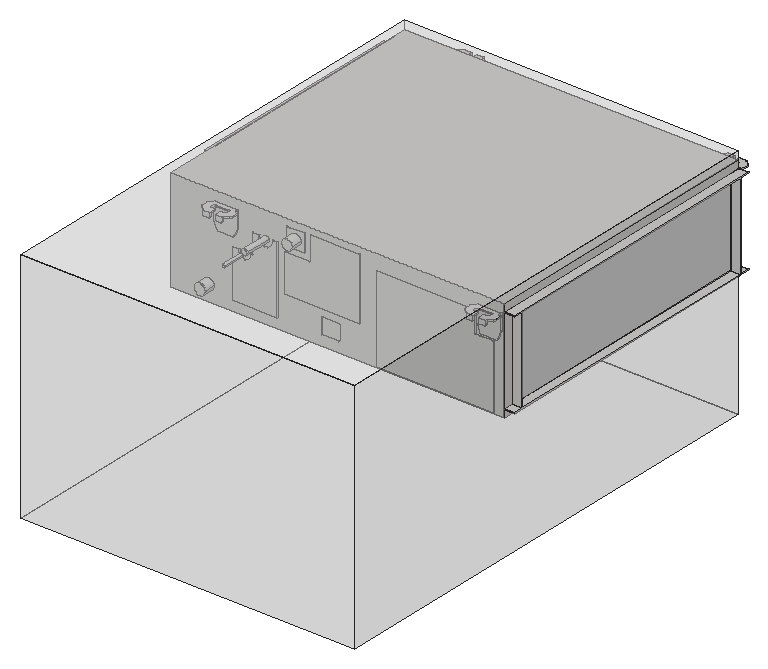
Revit family "outputfile", category 機械設備, Revit 2024
Family settings
  丸型コネクタ寸法 = 半径を使用
  パーツ タイプ = 標準
  OmniClass 番号 = 23.75.10.24.21.27.27
  OmniClass タイトル = Split System Air Conditioning Units
  作業面ベース = いいえ
  常に垂直 = はい
  ロード時にボイドで切り取り = いいえ
  注釈の向きを維持 = いいえ
  共有 = いいえ
  部屋計算ポイント = はい
Parameters (values of type "FXSA40AVMS")
  製造元 = "Daikin"
  書き出し IFC クラス(タイプ) = "IfcUnitaryEquipmentType"
  定義済み IFC タイプ(タイプ) = "AIRCONDITIONINGUNIT"
  モデル = "FXSA40AVMS"
  switch_frequency = yes
  r_Liquid Pipe Size = Liquid Pipe Size / 2  # 3.2 mm
  r_Gas Pipe Size = Gas Pipe Size / 2  # 6.35 mm
  r_Drain Pipe Size = Drain Pipe Size / 2  # 12.5 mm
  lw_power = 770.0 mm
  lh_SA = 138.0 mm
  lw_SA = if(Width = 550.0 mm, 225.0 mm, if(Width = 700.0 mm, 300.0 mm, if(Width = 1000.0 mm, 450.0 mm, if(Width = 1400.0 mm, 650.0 mm, 725.0 mm))))  # 300.0 mm
  lw_RA = if(Width = 550.0 mm, 275.0 mm, if(Width = 700.0 mm, 349.0 mm, if(Width = 1000.0 mm, 499.0 mm, if(Width = 1400.0 mm, 699.0 mm, 775.0 mm))))  # 349.0 mm
  lh_power = 60.0 mm + [h***]  # 60.0 mm
  lh_mountinghole1 = lh_mountinghole + [h***]  # 222.0 mm
  lh_RA = 123.0 mm
  ld_power = Width / 2  # 350.0 mm
  connector_voltage = Voltage_50Hz  # 220 V
  connector_powerinput = [Power Input (Cooling)]  # 0.101 kW
  connector_phase = Phase_50Hz  # 1
  Voltage_comment_50Hz = "220"
  Voltage_50Hz = 220 V
  Total Heating Capacity [instance] = 0.000 kW
  Supply Air Direction [instance] = yes
  Sound Power Level_H speed (dB) = 64
  Power Input (Heating) = 0.096 kW
  Phase_50Hz = 1
  Nominal Heating Capacity = 5.000 kW
  Minimum External Static Pressure = 30.00 Pa
  Minimum Circuit Amps_50Hz = 1.5 A
  Maximum Fuse Amps_50Hz = 16.0 A
  Maximum External Static Pressure = 150.00 Pa
  Material_Casing = DAIKIN_GalvanizedSteel_Casing_indoorunit
  lw_mountinghole = 630.0 mm
  lh_gaspipe = 183.0 mm + [h***]  # 183.0 mm
  lh_mountinghole = 222.0 mm
  lh_liquidpipe = 136.0 mm + [h***]  # 136.0 mm
  lh_drainpipe = 207.0 mm + [h***]  # 207.0 mm
  lh_antena = Height - lh_mountinghole + 1.0 mm  # 24.0 mm
  ld_drainpipe = Width / 2 + 26.0 mm  # 376.0 mm
  ld_liquidpipe = 414.0 mm
  ld_gaspipe = Width / 2 + 65.0 mm  # 415.0 mm
  ld_mountinghole = Width + 38.0 mm  # 738.0 mm
  h*** = 0.0 mm
  lw_liquidpipe = 179.0 mm
  lw_gaspipe = 229.0 mm
  lw_drainpipe = 300.0 mm
  Width = 700.0 mm
  Version = "ver.1.0"
  Unit Type = "Duct_M.S.P."
  Unit Mass Weight = 27.00 kg
  Unit Designation [instance] = ""
  Uniclass2015Version = "Products v1.30"
  Uniclass2015Title = "Variable refrigerant flow units"
  Uniclass2015Code = "Pr_70_65_03_94"
  Total Cooling Capacity [instance] = 0.000 kW
  Sound Pressure Level_M speed (dBA) = 33
  Sound Pressure Level_L speed (dBA) = 30
  Sound Pressure Level_H speed (dBA) = 36
  Series = "VRV Fan Coil Unit"
  Sensible Cooling Capacity [instance] = 0.000 kW
  SA Duct Size Width = 492.0 mm
  SA Duct Size Height = 176.0 mm
  Refrigerant Type = "R32"
  RA Duct Size Width = 654.0 mm
  RA Duct Size Height = 208.0 mm
  Power Input (Cooling) = 0.101 kW
  Option Accessory 3 [instance] = ""
  Option Accessory 2 [instance] = ""
  Option Accessory 1 [instance] = ""
  Nominal Cooling Capacity = 4.500 kW
  Minimum Airflow = 630.00 m³/h
  Median Airflow = 750.00 m³/h
  Maximum Airflow = 900.00 m³/h
  Load Classification = HVAC
  Liquid Pipe Size = 6.4 mm
  Link_Nested Family [instance] = ""
  IfcVersion = ""
  IfcExportType = "AIRCONDITIONINGUNIT"
  IfcExportAs = "IfcUnitaryEquipmentType"
  Height = 245.0 mm
  Heating Entering Wet Bulb Temperature [instance] = -273.15 °C
  Heating Entering Dry Bulb Temperature [instance] = -273.15 °C
  Heating Ambient Wet Bulb Temperature [instance] = -273.15 °C
  Heating Ambient Dry Bulb Temperature [instance] = -273.15 °C
  Heat Exchanger Type = "Cross Fin Coil"
  Gas Pipe Size = 12.7 mm
  Frequency_50Hz = 50 Hz
  Fan Type = "Sirocco Fan"
  Fan Drive = "Direct Drive"
  FCU Tag No. [instance] = ""
  Drain Pipe Size = 25.0 mm
  Design Supply Airflow [instance] = 0.00 m³/h
  Design Return Airflow [instance] = 0.00 m³/h
  Design External Static Pressure [instance] = 0.00 Pa
  Depth = 800.0 mm
  既定の高さ = 0.0 mm
  Cooling Entering Wet Bulb Temperature [instance] = 0.00 °C
  Cooling Entering Dry Bulb Temperature [instance] = 0.00 °C
  Cooling Ambient Wet Bulb Temperature [instance] = 0.00 °C
  Cooling Ambient Dry Bulb Temperature [instance] = 0.00 °C
  Clearance visibility [instance] = yes
  Clearance Top = 20.0 mm
  Clearance Right = 0.0 mm
  Clearance Rear = 0.0 mm
  Clearance Left = 0.0 mm
  Clearance Front = 450.0 mm
  Clearance Bottom = 300.0 mm
Reference planes
  plane 1 "Center (Front/Back)": y = 0
  plane 2 "h": z = 0
  plane 3 "Center (Left/Right)": x = 0
  plane 4 "Back": y = 350
  plane 5 "Front": y = -350
  plane 6 "Left": x = -400
  plane 7 "Right": x = 400
  plane 8 "Top": z = 0
  plane 9 "Bottom": z = -245
  plane 10: y = -215
  plane 11: y = 350
  plane 12: y = -800
  plane 13: x = -400
  plane 14: x = 400
  plane 15: z = 20
  plane 16: z = -545
  plane 17: x = -400
  plane 18: x = -399
  plane 19: x = 399
  plane 20: y = 50
  plane 21: y = -1
  plane 22: z = -122
  plane 23: y = -351
  plane 24: z = -109
  plane 25: x = -221
  plane 26: y = -415
  plane 27: z = -62
  plane 28: x = -171
  plane 29: y = -376
  plane 30: z = -38
  plane 31: x = -100
  plane 32: x = -100
  plane 33: x = -221
  plane 34: x = -171
  plane 35: x = 370
  plane 36: x = -266
  plane 37: x = 364
  plane 38: y = -369
  plane 39: y = 369
  plane 40: z = -23
  plane 41: z = -107
  plane 42: y = -414
  plane 43: z = -207
  plane 44: x = -309
  plane 45: y = -376
  plane 46: x = -251
  plane 47: x = -203
  plane 48: x = -144
  plane 49: z = -59
  plane 50: z = -106
  plane 51: z = -221
  plane 52: z = -109
  plane 53: x = -221
  plane 54: z = -62
  plane 55: x = -171
  plane 56: z = -17
  plane 57: z = -59
  plane 58: x = -121
  plane 59: x = -79
  plane 60: x = -125
  plane 61: x = -64
  plane 62: x = 53
  plane 63: z = -164
  plane 64: z = -73
  plane 65: z = -16
  plane 66: x = 93.5
  plane 67: x = 374.5
  plane 68: x = 330
  plane 69: z = -88.5
  plane 70: z = -38
  plane 71: z = -242.5
  plane 72: x = -38.5
  plane 73: x = 6.5
  plane 74: z = -181
  plane 75: z = -221
  plane 76: y = -349
  plane 77: x = -424
  plane 78: x = 424
Forms (mm)
  Extrusion 1, solid, material "DAIKIN_GalvanizedSteel_Casing_indoorunit" <- "Material_Casing"
    sketch origin (0, 0, 0) x (1, 0, 0) y (0, 1, 0)
      loop
        line (-399, 350) -> (-399, -350) -> (399, -350) -> (399, 350) -> (-399, 350)
    from -245 to 0
  Extrusion 2, solid, material "DAIKIN_GalvanizedSteel_Casing_indoorunit" <- "Material_Casing"
    sketch origin (0, 0, 0) x (1, 0, 0) y (0, 0, 1)
      loop
        line (-251, -221) -> (-144, -221) -> (-144, -59) -> (-154.47, -59)
        arc (-154.47, -59) -> (-171, -78.8) -> (-187.53, -59) r 16.8
        line (-187.53, -59) -> (-203, -59) -> (-203, -106) -> (-206.916, -106)
        arc (-206.916, -106) -> (-221, -123.4) -> (-235.084, -106) r 14.4
        line (-235.084, -106) -> (-251, -106) -> (-251, -221)
    from 350 to 351
  Extrusion 3, solid, material "DAIKIN_GalvanizedSteel_Casing_indoorunit" <- "Material_Casing"
    sketch origin (0, 0, 0) x (1, 0, 0) y (0, 0, 1)
      loop
        line (-121, -17) -> (-121, -59) -> (-79, -59) -> (-79, -17) -> (-121, -17)
      loop
        line (-125, -73) -> (-125, -164) -> (53, -164) -> (53, -16) -> (-64, -16) -> (-64, -73) -> (-125, -73)
    from 350 to 351
  Extrusion 4, solid, material "DAIKIN_GalvanizedSteel_Casing_indoorunit" <- "Material_Casing"
    sketch origin (0, 0, 0) x (1, 0, 0) y (0, 0, 1)
      loop
        line (93.5, -38) -> (93.5, -242.5) -> (374.5, -242.5) -> (374.5, -88.5) -> (330, -88.5) -> (330, -38) -> (93.5, -38)
    from 350 to 351
  Extrusion 5, solid, material "DAIKIN_GalvanizedSteel_Casing_indoorunit" <- "Material_Casing"
    sketch origin (0, 0, 0) x (1, 0, 0) y (0, 0, 1)
      loop
        circle (-221, -109) r 3.2
    from 350 to 414
  Extrusion 6, solid, material "DAIKIN_GalvanizedSteel_Casing_indoorunit" <- "Material_Casing"
    sketch origin (0, 0, 0) x (1, 0, 0) y (0, 0, 1)
      loop
        circle (-171, -62) r 6.35
    from 350 to 415
  Extrusion 7, solid, material "DAIKIN_GalvanizedSteel_Casing_indoorunit" <- "Material_Casing"
    sketch origin (0, 0, 0) x (1, 0, 0) y (0, 0, 1)
      loop
        circle (-100, -38) r 12.5
    from 351 to 376
  Extrusion 8, solid, material "DAIKIN_GalvanizedSteel_Casing_indoorunit" <- "Material_Casing"
    sketch origin (0, 0, 0) x (1, 0, 0) y (0, 0, 1)
      loop
        circle (-309, -207) r 13
    from 350 to 376
  Extrusion 9, void
    sketch origin (0, 0, 0) x (1, 0, 0) y (0, 0, 1)
      loop
        line (-38.5, -181) -> (-38.5, -221) -> (6.5, -221) -> (6.5, -181) -> (-38.5, -181)
    from 349 to 350
Cuts and joins
  Extrusion 9 cuts Extrusion 1
Dimensions and locks
  "Height": plane 8 "Top" to plane 9 "Bottom"
  equal spacing: plane 4 "Back", plane 1 "Center (Front/Back)", plane 5 "Front"
  "Width": plane 4 "Back" to plane 5 "Front"
  equal spacing: plane 6 "Left", plane 3 "Center (Left/Right)", plane 7 "Right"
  "Depth": plane 6 "Left" to plane 7 "Right"
  "Clearance Left": plane 13 to plane 6 "Left"
  "Clearance Right": plane 7 "Right" to plane 14
  "Clearance Rear": plane 11 to plane 4 "Back"
  "Clearance Front": plane 5 "Front" to plane 12
  "Clearance Top": plane 15 to plane 8 "Top"
  "Clearance Bottom": plane 9 "Bottom" to plane 16
  locked: plane 17 to plane 18 at 1
  locked: plane 19 to plane 14 at 1
  "lw_SA": plane 11 to plane 20
  "lw_RA": plane 21 to plane 5 "Front"
  "lh_RA": plane 22 to plane 9 "Bottom"
  locked: plane 5 "Front" to plane 23 at 1
  "lw_liquidpipe": plane 25 to plane 6 "Left"
  "lh_liquidpipe": plane 24 to plane 9 "Bottom"
  "lh_gaspipe": plane 27 to plane 9 "Bottom"
  "lw_gaspipe": plane 28 to plane 6 "Left"
  "ld_gaspipe": plane 26 to plane 1 "Center (Front/Back)"
  "ld_drainpipe": plane 29 to plane 1 "Center (Front/Back)"
  "lh_drainpipe": plane 30 to plane 9 "Bottom"
  "lw_drainpipe": plane 31 to plane 6 "Left"
  "lw_drainpipe": plane 6 "Left" to plane 32
  "lw_liquidpipe": plane 6 "Left" to plane 33
  "lw_gaspipe": plane 6 "Left" to plane 34
  "lw_power": plane 6 "Left" to plane 35
  locked: plane 17 to plane 36 at 134
  "lw_mountinghole": plane 36 to plane 37
  equal spacing: plane 38, plane 1 "Center (Front/Back)", plane 39
  "ld_mountinghole": plane 39 to plane 38
  "lh_mountinghole": plane 40 to plane 9 "Bottom"
  "lh_SA": plane 41 to plane 9 "Bottom"
  locked: plane 44 to plane 6 "Left" at 91
  locked: plane 43 to plane 9 "Bottom" at 38
  plane 48 to plane 47 to plane 46 to plane 6 "Left" = 59.0 mm, 48.0 mm, 149.0 mm
  plane 8 "Top" to plane 49 to plane 50 to plane 51 = 59.0 mm locked, 47.0 mm locked, 115.0 mm locked
  plane 55 to plane 53 to plane 6 "Left" = 50.0 mm locked, 179.0 mm locked
  plane 54 to plane 52 to plane 9 "Bottom" = 47.0 mm locked, 136.0 mm locked
  plane 59 to plane 58 to plane 6 "Left" = 42.0 mm locked, 279.0 mm locked
  plane 8 "Top" to plane 56 to plane 57 = 17.0 mm locked, 42.0 mm locked
  plane 62 to plane 61 to plane 60 to plane 6 "Left" = 117.0 mm, 61.0 mm, 275.0 mm
  plane 8 "Top" to plane 65 to plane 64 = 16.0 mm locked, 57.0 mm locked
  locked: plane 65 to plane 63 at 148
  plane 8 "Top" to plane 70 to plane 69 to plane 71 = 38.0 mm locked, 50.5 mm locked, 154.0 mm locked
  plane 67 to plane 68 to plane 66 to plane 6 "Left" = 44.5 mm locked, 236.5 mm locked, 493.5 mm locked
  plane 8 "Top" to plane 74 to plane 75 = 181.0 mm locked, 40.0 mm locked
  plane 73 to plane 72 to plane 6 "Left" = 45.0 mm, 361.5 mm
  locked: plane 76 to plane 5 "Front" at 1
  locked: plane 77 to plane 17 at 24
  locked: plane 14 to plane 78 at 24
  "ld_liquidpipe": plane 42 to plane 1 "Center (Front/Back)"
  "r_Liquid Pipe Size": radius of Extrusion 5 sketch curve
  "r_Gas Pipe Size": radius of Extrusion 6 sketch curve
  "r_Drain Pipe Size": radius of Extrusion 7 sketch curve
  aligned and locked: level to plane 2 "h"
  aligned and locked: plane 8 "Top" to Extrusion 1
  aligned and locked: Extrusion 1 to plane 9 "Bottom"
  aligned and locked: nested 5 to plane 12
  aligned and locked: plane 13 to nested 5
  aligned and locked: plane 14 to nested 5
  aligned and locked: nested 5 to plane 13
  aligned and locked: plane 11 to nested 5
  aligned and locked: plane 15 to nested 5
  aligned and locked: plane 16 to nested 5
  aligned and locked: plane 5 "Front" to Extrusion 1 sketch curve
  aligned and locked: Extrusion 1 to plane 18
  aligned and locked: plane 19 to Extrusion 1
  aligned and locked: nested 7 to plane 18
  aligned and locked: nested 7 to plane 20
  aligned and locked: plane 19 to nested 8
  aligned and locked: plane 21 to nested 8
  aligned and locked: plane 22 to nested 8
  aligned and locked: Extrusion 2 to plane 23
  aligned and locked: plane 5 "Front" to Extrusion 2
  aligned and locked: Extrusion 3 to plane 23
  aligned and locked: plane 5 "Front" to Extrusion 3
  aligned and locked: plane 5 "Front" to Extrusion 4
  aligned and locked: Extrusion 5 sketch curve to plane 25
  aligned and locked: plane 24 to Extrusion 5 sketch curve
  aligned and locked: plane 5 "Front" to Extrusion 5
  aligned and locked: Extrusion 6 sketch curve to plane 28
  aligned and locked: plane 27 to Extrusion 6 sketch curve
  aligned and locked: plane 5 "Front" to Extrusion 6
  aligned and locked: Extrusion 7 sketch curve to plane 31
  aligned and locked: Extrusion 7 sketch curve to plane 30
  aligned and locked: Extrusion 7 to plane 29
  aligned and locked: plane 23 to Extrusion 7
  aligned and locked: nested 3 to plane 29
  aligned and locked: plane 32 to nested 3
  aligned and locked: nested 2 to plane 33
  aligned and locked: nested 1 to plane 34
  aligned and locked: Extrusion 6 to plane 26
  aligned and locked: nested 1 to plane 26
  aligned and locked: nested 6 to plane 5 "Front"
  aligned and locked: nested 6 to plane 35
  aligned and locked: plane 36 to nested 10
  aligned and locked: nested 10 to plane 5 "Front"
  aligned and locked: plane 37 to nested 9
  aligned and locked: nested 9 to plane 5 "Front"
  aligned and locked: nested 11 to plane 36
  aligned and locked: plane 4 "Back" to nested 11
  aligned and locked: nested 12 to plane 37
  aligned and locked: plane 4 "Back" to nested 12
  aligned and locked: plane 40 to nested 10
  aligned and locked: plane 40 to nested 11
  aligned and locked: plane 40 to nested 9
  aligned and locked: plane 40 to nested 12
  aligned and locked: plane 36 to nested 14
  aligned and locked: nested 14 to plane 39
  aligned and locked: plane 37 to nested 13
  aligned and locked: nested 13 to plane 39
  aligned and locked: plane 37 to nested 16
  aligned and locked: plane 38 to nested 16
  aligned and locked: plane 38 to nested 15
  aligned and locked: plane 36 to nested 15
  aligned and locked: plane 17 to plane 6 "Left"
  aligned and locked: plane 41 to nested 7
  aligned and locked: Extrusion 5 to plane 42
  aligned and locked: nested 2 to plane 42
  aligned and locked: Extrusion 8 sketch curve to plane 44
  aligned and locked: plane 43 to Extrusion 8 sketch curve
  aligned and locked: plane 5 "Front" to Extrusion 8
  aligned and locked: Extrusion 3 sketch curve to plane 56
  aligned and locked: Extrusion 3 sketch curve to plane 58
  aligned and locked: plane 57 to Extrusion 3 sketch curve
  aligned and locked: plane 59 to Extrusion 3 sketch curve
  aligned and locked: Extrusion 4 to plane 23
  aligned and locked: Extrusion 9 sketch curve to plane 74
  aligned and locked: plane 75 to Extrusion 9 sketch curve
  aligned and locked: plane 73 to Extrusion 9 sketch curve
  aligned and locked: plane 5 "Front" to Extrusion 9
  aligned and locked: plane 76 to Extrusion 9
  aligned and locked: nested 17 to plane 20
  aligned and locked: nested 17 to plane 77
  aligned and locked: plane 21 to nested 18
  aligned and locked: plane 78 to nested 18
  aligned and locked: plane 41 to nested 17
  aligned and locked: nested 18 to plane 22
  aligned and locked: nested 4 to plane 3 "Center (Left/Right)"
  aligned and locked: plane 1 "Center (Front/Back)" to nested 4
  aligned and locked: level to plane 8 "Top"
  aligned and locked: Extrusion 8 to plane 29
Automatic sketch dimensions
  plane 6 "Left" to Extrusion 1 sketch curve = 1.0 mm
  Extrusion 1 sketch curve to plane 7 "Right" = 1.0 mm
  Extrusion 1 sketch curve to plane 4 "Back" = 0.0 mm
  Extrusion 2 sketch curve to plane 46 = 0.0 mm
  Extrusion 2 sketch curve to plane 33 = 0.0 mm
  Extrusion 2 sketch curve to plane 47 = 0.0 mm
  Extrusion 2 sketch curve to plane 34 = 0.0 mm
  Extrusion 2 sketch curve to plane 48 = 0.0 mm
  Extrusion 2 sketch curve to plane 51 = 0.0 mm
  Extrusion 2 sketch curve to plane 52 = 0.0 mm
  Extrusion 2 sketch curve to plane 50 = 0.0 mm  (x3)
  Extrusion 2 sketch curve to plane 54 = 0.0 mm
  Extrusion 2 sketch curve to plane 49 = 0.0 mm  (x3)
  plane 33 to Extrusion 2 sketch curve = 14.084 mm
  plane 34 to Extrusion 2 sketch curve = 16.53 mm
  Extrusion 3 sketch curve to plane 60 = 0.0 mm
  Extrusion 3 sketch curve to plane 61 = 0.0 mm
  Extrusion 3 sketch curve to plane 62 = 0.0 mm
  Extrusion 3 sketch curve to plane 63 = 0.0 mm
  Extrusion 3 sketch curve to plane 64 = 0.0 mm
  Extrusion 3 sketch curve to plane 65 = 0.0 mm
  Extrusion 4 sketch curve to plane 66 = 0.0 mm
  Extrusion 4 sketch curve to plane 68 = 0.0 mm
  Extrusion 4 sketch curve to plane 67 = 0.0 mm
  Extrusion 4 sketch curve to plane 71 = 0.0 mm
  Extrusion 4 sketch curve to plane 69 = 0.0 mm
  Extrusion 4 sketch curve to plane 70 = 0.0 mm
  Extrusion 9 sketch curve to plane 72 = 0.0 mm
  radius of Extrusion 8 sketch curve = 13.0 mm
Nested families
  nested 1: "daikin_connector_rotate2" at (-171, 0, -62), length <- "ld_gaspipe", built-in parameter 1001364 <- "lh_gaspipe", radius <- "r_Gas Pipe Size", type "daikin_connector_rotate2"
    with radius 6.35 mm, length 415.0 mm, angle_vertical 90.00°
  nested 2: "daikin_connector_rotate2" at (-221, 0, -109), length <- "ld_liquidpipe", built-in parameter 1001364 <- "lh_liquidpipe", radius <- "r_Liquid Pipe Size", type "daikin_connector_rotate2"
    with radius 3.2 mm, length 414.0 mm, angle_vertical 90.00°
  nested 3: "daikin_connector_rotate2" at (-100, 0, -38), length <- "ld_drainpipe", built-in parameter 1001364 <- "lh_drainpipe", radius <- "r_Drain Pipe Size", type "daikin_connector_rotate2"
    with radius 12.5 mm, length 376.0 mm, angle_vertical 90.00°
  nested 4: "daikin_△_symbolicline" at (0, 0, 245) x (0, -1, 0) z (0, 0, 1), built-in parameter 1001364 <- "Height", visible <- "Supply Air Direction", type "daikin_△_symbolicline"
    with length 200.0 mm
  nested 5: "daikin_clearancespace" at (0, -225, -262.381), visible <- "Clearance visibility", show <- "Clearance visibility", Link_Nested Family <- "Link_Nested Family", type "daikin_clearancespace"
    with width 800.0 mm, show yes, height 565.0 mm, depth 1150.0 mm, Link_Nested Family ""
  nested 6: "daikin_connector_rotate2" at (370, 0, -185), built-in parameter 1001364 <- "lh_power", length <- "ld_power", type "daikin_connector_rotate2"
    with radius 10.0 mm, length 350.0 mm, angle_vertical 90.00°
  nested 7: "daikin_ductflange_FXSA-AVMS2" at (-399, 50, -107) x (0, -1, 0) z (0, 0, 1), type "daikin_ductflange_FXSA-AVMS2"
  nested 8: "daikin_ductflange_FXSA-AVMS" at (399, -1, -122) x (0, 1, 0) z (0, 0, 1), type "daikin_ductflange_FXSA-AVMS"
  nested 9: "FXFSA-AVM" at (364, -350, -23), type "daikin_hangerfixture_FXFSA-AVM"
  nested 10: "FXFSA-AVM" at (-266, -350, -23), type "daikin_hangerfixture_FXFSA-AVM"
  nested 11: "FXFSA-AVM" at (-266, 350, -23) x (-1, 0, 0) z (0, 0, 1), type "daikin_hangerfixture_FXFSA-AVM"
  nested 12: "FXFSA-AVM" at (364, 350, -23) x (-1, 0, 0) z (0, 0, 1), type "daikin_hangerfixture_FXFSA-AVM"
  nested 13: "daikin_mountinghole" at (364, 369, -245), h_mountinghole <- "lh_mountinghole1", l_antenna <- "lh_antena", Link_Nested Family <- "Link_Nested Family", type "daikin_mountinghole"
    with show yes, l_antenna 24.0 mm, h_mountinghole 222.0 mm, Link_Nested Family ""
  nested 14: "daikin_mountinghole" at (-266, 369, -245), h_mountinghole <- "lh_mountinghole1", l_antenna <- "lh_antena", Link_Nested Family <- "Link_Nested Family", type "daikin_mountinghole"
    with show yes, l_antenna 24.0 mm, h_mountinghole 222.0 mm, Link_Nested Family ""
  nested 15: "daikin_mountinghole" at (-266, -369, -245), h_mountinghole <- "lh_mountinghole1", l_antenna <- "lh_antena", Link_Nested Family <- "Link_Nested Family", type "daikin_mountinghole"
    with show yes, l_antenna 24.0 mm, h_mountinghole 222.0 mm, Link_Nested Family ""
  nested 16: "daikin_mountinghole" at (364, -369, -245), h_mountinghole <- "lh_mountinghole1", l_antenna <- "lh_antena", Link_Nested Family <- "Link_Nested Family", type "daikin_mountinghole"
    with show yes, l_antenna 24.0 mm, h_mountinghole 222.0 mm, Link_Nested Family ""
  nested 17: "daikin_connector_rotate2" at (-400, 50, -107) x (0, -1, 0) z (0, 0, 1), type "daikin_connector_rotate2"
    with radius 10.0 mm, length 24.0 mm, angle_vertical 90.00°
  nested 18: "daikin_connector_rotate2" at (400, -1, -122) x (0, 1, 0) z (0, 0, 1), type "daikin_connector_rotate2"
    with radius 10.0 mm, length 24.0 mm, angle_vertical 90.00°
Connectors
  piping at (-100, -376, -38), diameter 25, driven by "r_Drain Pipe Size"
    settings: on nested 3, index 3, connector inside diameter 609.6 mm, connector length 0.0 mm, flow factor 0, pipe flow 0.00 m³/h, pressure drop 0.0 Pa, fitting loss kfactor 0, connector angle 0.00°, fixture units 0, engagement length 0.0 mm, angle of deflection 0.00°, flow configuration 1, flow direction 2, fitting loss method 4, system type 16, joint type 0, gender type 0, connector reference index -1, connector utility 0, adjustable connector no, is connector primary yes, connector description "Condensate Drain Piping"
  piping at (-171, -415, -62), diameter 12.7, driven by "r_Gas Pipe Size"
    settings: on nested 1, index 4, connector inside diameter 609.6 mm, connector length 0.0 mm, flow factor 0, pipe flow 0.00 m³/h, pressure drop 0.0 Pa, fitting loss kfactor 0, connector angle 0.00°, fixture units 0, engagement length 0.0 mm, angle of deflection 0.00°, flow configuration 1, flow direction 2, fitting loss method 0, system type 29, joint type 0, gender type 0, connector reference index -1, connector utility 0, adjustable connector no, is connector primary no, connector description "Refrigerant Gas Piping"
  piping at (-221, -414, -109), diameter 6.4, driven by "r_Liquid Pipe Size"
    settings: on nested 2, index 5, connector inside diameter 609.6 mm, connector length 0.0 mm, flow factor 0, pipe flow 0.00 m³/h, pressure drop 0.0 Pa, fitting loss kfactor 0, connector angle 0.00°, fixture units 0, engagement length 0.0 mm, angle of deflection 0.00°, flow configuration 1, flow direction 1, fitting loss method 0, system type 29, joint type 0, gender type 0, connector reference index -1, connector utility 0, adjustable connector no, is connector primary no, connector description "Refrigerant Liquid Piping"
  electrical at (370, -350, -185), driven by "Load Classification", driven by "connector_voltage", driven by "connector_phase", driven by "connector_powerinput"
    settings: on nested 6, index 6, voltage 220 V, apparent load 101 VA, apparent load phase1 0 VA, apparent load phase2 0 VA, apparent load phase3 0 VA, power factor 1, load classification "HVAC", number of poles 1, system type 30, power factor state 1, is connector primary yes, connector utility no, sub classification motor no, connector description "Power Supply"
  hvac at (-424, 50, -107), driven by "SA Duct Size Height", driven by "SA Duct Size Width"
    settings: on nested 17, index 7, duct flow 0.00 m³/h, flow factor 0, pres drop 0.00 Pa, loss coef 0, conn angle 0.00°, conn width 492.0 mm, conn height 176.0 mm, conn diameter 609.6 mm, duct sys type 1, conn prof type 1, flow config 0, flow direction 2, loss method 4, conn ref index -1, conn util no, is conn primary yes, conn desc "SA Duct"
  hvac at (424, -1, -122), driven by "RA Duct Size Height", driven by "RA Duct Size Width"
    settings: on nested 18, index 8, duct flow 0.00 m³/h, flow factor 0, pres drop 0.00 Pa, loss coef 0, conn angle 0.00°, conn width 654.0 mm, conn height 208.0 mm, conn diameter 609.6 mm, duct sys type 2, conn prof type 1, flow config 0, flow direction 1, loss method 4, conn ref index -1, conn util no, is conn primary no, conn desc "RA Duct"
Definition of nested family "daikin_clearancespace"
  Parameters (values of type "daikin_clearancespace")
    Description = "daikin_clearancespace"
    width [instance] = 1823.963 mm
    show [instance] = yes
    material = none
    height [instance] = 1359.762 mm
    depth [instance] = 880.0 mm
    Default Elevation = 0.0 mm
    Link_Nested Family [instance] = ""
  Reference planes
    plane 1 "Center (Front/Back)": y = 0
    plane 2 "Center (Elevation)": z = -0.119
    plane 3 "Center (Left/Right)": x = 0
    plane 4: y = 440
    plane 5: y = -440
    plane 6 "Right": x = 911.982
    plane 7 "Left": x = -911.982
    plane 8 "Top": z = 679.762
    plane 9 "Bottom": z = -680
  Forms (mm)
    Extrusion 1, solid, material <- "material", visible <- "show"
      sketch origin (0, 0, 0) x (1, 0, 0) y (0, 1, 0)
        loop
          line (-911.982, 440) -> (-911.982, -440) -> (911.982, -440) -> (911.982, 440) -> (-911.982, 440)
      from -680 to 679.762
  Lines and regions (mm)
    symbolic lines, visible <- "show"
      curve 1: line (911.982, 440, 0) -> (-911.982, 440, 0)
      curve 2: line (-911.982, 440, 0) -> (-911.982, -440, 0)
      curve 3: line (-911.982, -440, 0) -> (911.982, -440, 0)
      curve 4: line (911.982, -440, 0) -> (911.982, 440, 0)
      curve 5: line (911.982, 0, 679.762) -> (-911.982, 0, 679.762)
      curve 6: line (911.982, 0, -680) -> (911.982, 0, 679.762)
      curve 7: line (-911.982, 0, -680) -> (911.982, 0, -680)
      curve 8: line (-911.982, 0, 679.762) -> (-911.982, 0, -680)
      curve 9: line (0, 440, 679.762) -> (0, -440, 679.762)
      curve 10: line (0, -440, 679.762) -> (0, -440, -680)
      curve 11: line (0, 440, -680) -> (0, 440, 679.762)
      curve 12: line (0, -440, -680) -> (0, 440, -680)
  Dimensions and locks
    "width": plane 7 "Left" to plane 6 "Right"
    "depth": plane 4 to plane 5
    "height": plane 8 "Top" to plane 9 "Bottom"
    equal spacing: plane 7 "Left", plane 3 "Center (Left/Right)", plane 6 "Right"
    equal spacing: plane 4, plane 1 "Center (Front/Back)", plane 5
    equal spacing: plane 8 "Top", plane 2 "Center (Elevation)", plane 9 "Bottom"
    aligned and locked: level to plane 2 "Center (Elevation)"
    aligned and locked: Extrusion 1 sketch curve to plane 4
    aligned and locked: plane 7 "Left" to Extrusion 1 sketch curve
    aligned and locked: Extrusion 1 sketch curve to plane 5
    aligned and locked: Extrusion 1 sketch curve to plane 6 "Right"
    aligned and locked: plane 8 "Top" to Extrusion 1
    aligned and locked: curve 1 to Extrusion 1
    aligned and locked: curve 2 to Extrusion 1
    aligned and locked: curve 3 to Extrusion 1
    aligned and locked: curve 4 to Extrusion 1
    aligned and locked: curve 5 to Extrusion 1
    aligned and locked: curve 6 to Extrusion 1
    aligned and locked: curve 7 to Extrusion 1
    aligned and locked: curve 8 to Extrusion 1
    aligned and locked: curve 9 to Extrusion 1
    aligned and locked: curve 10 to Extrusion 1
    aligned and locked: curve 11 to Extrusion 1
    aligned and locked: curve 12 to Extrusion 1
    aligned and locked: Extrusion 1 to plane 9 "Bottom"
Definition of nested family "daikin_ductflange_FXSA-AVMS2"
  Parameters (values of type "daikin_ductflange_FBA-BVMA2")
    width = if(w = 550.0 mm, 337.0 mm, if(w = 700.0 mm, 492.0 mm, if(w = 1000.0 mm, 792.0 mm, if(w = 1400.0 mm, 1192.0 mm, 1337.0 mm))))  # 492.0 mm
    w1 = if(w = 550.0 mm, 24.0 mm, if(w = 700.0 mm, 21.5 mm, if(w = 1000.0 mm, 21.5 mm, if(w = 1400.0 mm, 21.5 mm, 24.0 mm))))  # 21.5 mm
    material = none
    height = 215.0 mm
    depth = 1.0 mm
    w = 700.0 mm
    Default Elevation = 0.0 mm
  Reference planes
    plane 1 "Center (Front/Back)": y = 0
    plane 2: z = 0
    plane 3 "Center (Left/Right)": x = 0
    plane 4: z = 88
    plane 5: z = -88
    plane 6: y = -25
    plane 7: z = 106
    plane 8: z = 89
    plane 9: y = -1
    plane 10: x = -267.5
    plane 11: x = 267.5
    plane 12: z = -106
    plane 13: z = -89
    plane 14: y = -1
    plane 15: x = 246
    plane 16: x = -246
    plane 17: x = 247
    plane 18: z = 87
    plane 19: z = -87
    plane 20: x = -247
    plane 21: z = 87
    plane 22: z = -87
    plane 23: y = -1
  Forms (mm)
    Extrusion 1, solid, material <- "material"
      sketch origin (0, 0, 0) x (0, 1, 0) y (0, 0, 1)
        loop
          line (-25, 88) -> (0, 88) -> (0, 106) -> (-1, 106) -> (-1, 89) -> (-25, 89) -> (-25, 88)
      from -267.5 to 267.5
    Extrusion 2, solid, material <- "material"
      sketch origin (0, 0, 0) x (0, 1, 0) y (0, 0, 1)
        loop
          line (-25, -88) -> (-25, -89) -> (-1, -89) -> (-1, -106) -> (0, -106) -> (0, -88) -> (-25, -88)
      from -267.5 to 267.5
    Extrusion 3, solid, material <- "material"
      sketch origin (0, 0, 0) x (1, 0, 0) y (0, 0, 1)
        loop
          line (246, 88) -> (246, -88) -> (267.5, -88) -> (267.5, -87) -> (247, -87) -> (247, 87) -> (267.5, 87) -> (267.5, 88) -> (246, 88)
      from 0 to 25
    Extrusion 4, solid, material <- "material"
      sketch origin (0, 0, 0) x (1, 0, 0) y (0, 0, 1)
        loop
          line (-267.5, 88) -> (-267.5, 87) -> (-247, 87) -> (-247, -87) -> (-267.5, -87) -> (-267.5, -88) -> (-246, -88) -> (-246, 88) -> (-267.5, 88)
      from 0 to 25
    Extrusion 5, solid, material <- "material"
      sketch origin (0, 0, 0) x (1, 0, 0) y (0, 0, 1)
        loop
          line (-267.5, 88) -> (-267.5, -88) -> (-246, -88) -> (-246, 88) -> (-267.5, 88)
        loop
          line (267.5, 88) -> (246, 88) -> (246, -88) -> (267.5, -88) -> (267.5, 88)
      from 0 to 1
  Cuts and joins
    joined: Extrusion 1, Extrusion 2, Extrusion 3, Extrusion 4, Extrusion 5
  Dimensions and locks
    plane 4 to level to plane 5 = 88.0 mm, 88.0 mm
    locked: plane 6 to plane 1 "Center (Front/Back)" at 25
    locked: plane 9 to plane 1 "Center (Front/Back)" at 1
    locked: plane 8 to plane 4 at 1
    "w1": plane 16 to plane 10
    locked: plane 17 to plane 15 at 1
    locked: plane 4 to plane 18 at 1
    locked: plane 19 to plane 5 at 1
    "width": plane 15 to plane 16
    plane 4 to plane 5 = 176.0 mm
    locked: plane 16 to plane 20 at 1
    locked: plane 4 to plane 21 at 1
    locked: plane 22 to plane 5 at 1
    locked: plane 23 to plane 1 "Center (Front/Back)" at 1
    plane 4 to level to plane 5 = 88.0 mm locked, 88.0 mm locked
    locked: plane 5 to plane 13 at 1
    locked: plane 5 to plane 12 at 18
    locked: plane 7 to plane 4 at 18
    equal spacing: plane 15, plane 3 "Center (Left/Right)", plane 16
    "w1": plane 11 to plane 15
    plane 11 to plane 10 = 535.0 mm
    aligned and locked: level to plane 2
    aligned and locked: Extrusion 1 to plane 10
    aligned and locked: plane 11 to Extrusion 1
    aligned and locked: plane 5 to Extrusion 2
    aligned and locked: Extrusion 2 to plane 1 "Center (Front/Back)"
    aligned and locked: plane 15 to Extrusion 3 sketch curve
    aligned and locked: Extrusion 3 sketch curve to Extrusion 2  (x2)
    aligned and locked: Extrusion 3 sketch curve to plane 11
    aligned and locked: plane 6 to Extrusion 3
    aligned and locked: Extrusion 2 to plane 10
    aligned and locked: plane 11 to Extrusion 2
    aligned and locked: Extrusion 4 sketch curve to Extrusion 1  (x2)
    aligned and locked: plane 5 to Extrusion 4 sketch curve
    aligned and locked: Extrusion 4 sketch curve to plane 16
    aligned and locked: Extrusion 4 sketch curve to plane 22
    aligned and locked: plane 20 to Extrusion 4 sketch curve
    aligned and locked: plane 21 to Extrusion 4 sketch curve
    aligned and locked: Extrusion 4 to plane 1 "Center (Front/Back)"
    aligned and locked: plane 6 to Extrusion 4
    aligned and locked: Extrusion 5 sketch curve to Extrusion 1  (x4)
    aligned and locked: Extrusion 5 sketch curve to Extrusion 4  (x2)
    aligned and locked: Extrusion 5 sketch curve to Extrusion 3  (x2)
    aligned and locked: Extrusion 5 to plane 1 "Center (Front/Back)"
    aligned and locked: plane 23 to Extrusion 5
  Automatic sketch dimensions
    Extrusion 1 sketch curve to plane 6 = 0.0 mm
    Extrusion 1 sketch curve to plane 7 = 0.0 mm
    Extrusion 1 sketch curve to plane 9 = 0.0 mm
    Extrusion 1 sketch curve to plane 1 "Center (Front/Back)" = 0.0 mm
    Extrusion 1 sketch curve to plane 4 = 0.0 mm
    Extrusion 1 sketch curve to plane 8 = 0.0 mm
    Extrusion 2 sketch curve to plane 6 = 0.0 mm
    plane 12 to Extrusion 2 sketch curve = 0.0 mm
    Extrusion 2 sketch curve to plane 14 = 0.0 mm
    Extrusion 2 sketch curve to plane 1 "Center (Front/Back)" = 0.0 mm
    plane 13 to Extrusion 2 sketch curve = 0.0 mm
    Extrusion 2 sketch curve to plane 5 = 0.0 mm
    Extrusion 3 sketch curve to plane 17 = 0.0 mm
    Extrusion 3 sketch curve to plane 19 = 0.0 mm
    Extrusion 3 sketch curve to plane 18 = 0.0 mm
    Extrusion 3 sketch curve to plane 4 = 0.0 mm
    Extrusion 4 sketch curve to plane 10 = 0.0 mm
Definition of nested family "daikin_ductflange_FXSA-AVMS"
  Parameters (values of type "daikin_ductflange_FBFC-DVMG")
    width = if(w = 550.0 mm, 502.0 mm, if(w = 700.0 mm, 654.0 mm, if(w = 1000.0 mm, 952.0 mm, if(w = 1400.0 mm, 1352.0 mm, 1502.0 mm))))  # 654.0 mm
    material = none
    lw = if(width = 654.0 mm, 23.0 mm, 25.0 mm)  # 23.0 mm
    height = 208.0 mm
    depth = 1.0 mm
    w = 700.0 mm
    Default Elevation = 0.0 mm
  Reference planes
    plane 1 "Center (Front/Back)": y = 0
    plane 2: z = 0
    plane 3 "Center (Left/Right)": x = 0
    plane 4: z = 104
    plane 5: z = -104
    plane 6: y = -25
    plane 7: z = 121
    plane 8: z = 105
    plane 9: y = -1
    plane 10: x = -350
    plane 11: x = 350
    plane 12: z = -122
    plane 13: z = -105
    plane 14: y = -1
    plane 15: x = 327
    plane 16: x = -327
    plane 17: x = 328
    plane 18: z = 103
    plane 19: z = -103
    plane 20: x = -328
    plane 21: z = 103
    plane 22: z = -103
    plane 23: y = -1
  Forms (mm)
    Extrusion 1, solid, material <- "material"
      sketch origin (0, 0, 0) x (0, 1, 0) y (0, 0, 1)
        loop
          line (-25, 104) -> (0, 104) -> (0, 121) -> (-1, 121) -> (-1, 105) -> (-25, 105) -> (-25, 104)
      from -350 to 350
    Extrusion 2, solid, material <- "material"
      sketch origin (0, 0, 0) x (0, 1, 0) y (0, 0, 1)
        loop
          line (-25, -104) -> (-25, -105) -> (-1, -105) -> (-1, -122) -> (0, -122) -> (0, -104) -> (-25, -104)
      from -350 to 350
    Extrusion 3, solid, material <- "material"
      sketch origin (0, 0, 0) x (1, 0, 0) y (0, 0, 1)
        loop
          line (327, 104) -> (327, -104) -> (350, -104) -> (350, -103) -> (328, -103) -> (328, 103) -> (350, 103) -> (350, 104) -> (327, 104)
      from 0 to 25
    Extrusion 4, solid, material <- "material"
      sketch origin (0, 0, 0) x (1, 0, 0) y (0, 0, 1)
        loop
          line (-350, 104) -> (-350, 103) -> (-328, 103) -> (-328, -103) -> (-350, -103) -> (-350, -104) -> (-327, -104) -> (-327, 104) -> (-350, 104)
      from 0 to 25
    Extrusion 5, solid, material <- "material"
      sketch origin (0, 0, 0) x (1, 0, 0) y (0, 0, 1)
        loop
          line (-350, 104) -> (-350, -104) -> (-327, -104) -> (-327, 104) -> (-350, 104)
        loop
          line (350, 104) -> (327, 104) -> (327, -104) -> (350, -104) -> (350, 104)
      from 0 to 1
  Cuts and joins
    joined: Extrusion 1, Extrusion 2, Extrusion 3, Extrusion 4, Extrusion 5
  Dimensions and locks
    plane 4 to level to plane 5 = 104.0 mm, 104.0 mm
    locked: plane 6 to plane 1 "Center (Front/Back)" at 25
    locked: plane 9 to plane 1 "Center (Front/Back)" at 1
    locked: plane 8 to plane 4 at 1
    "lw": plane 11 to plane 15
    "lw": plane 16 to plane 10
    locked: plane 17 to plane 15 at 1
    locked: plane 4 to plane 18 at 1
    locked: plane 19 to plane 5 at 1
    "width": plane 15 to plane 16
    equal spacing: plane 15, plane 3 "Center (Left/Right)", plane 16
    locked: plane 16 to plane 20 at 1
    locked: plane 4 to plane 21 at 1
    locked: plane 22 to plane 5 at 1
    locked: plane 23 to plane 1 "Center (Front/Back)" at 1
    locked: plane 7 to plane 4 at 17
    locked: plane 1 "Center (Front/Back)" to plane 14 at 1
    locked: plane 5 to plane 13 at 1
    "height": plane 4 to plane 5
    plane 11 to plane 10 = 700.0 mm
    locked: plane 12 to plane 13 at 17
    equal spacing: plane 4, level, plane 5
    aligned and locked: level to plane 2
    aligned and locked: Extrusion 1 to plane 10
    aligned and locked: plane 11 to Extrusion 1
    aligned and locked: plane 5 to Extrusion 2
    aligned and locked: Extrusion 2 to plane 1 "Center (Front/Back)"
    aligned and locked: plane 15 to Extrusion 3 sketch curve
    aligned and locked: Extrusion 3 sketch curve to Extrusion 2  (x2)
    aligned and locked: Extrusion 3 sketch curve to plane 11
    aligned and locked: plane 6 to Extrusion 3
    aligned and locked: Extrusion 2 to plane 10
    aligned and locked: plane 11 to Extrusion 2
    aligned and locked: Extrusion 4 sketch curve to Extrusion 1  (x2)
    aligned and locked: plane 5 to Extrusion 4 sketch curve
    aligned and locked: Extrusion 4 sketch curve to plane 16
    aligned and locked: Extrusion 4 sketch curve to plane 22
    aligned and locked: plane 20 to Extrusion 4 sketch curve
    aligned and locked: plane 21 to Extrusion 4 sketch curve
    aligned and locked: Extrusion 4 to plane 1 "Center (Front/Back)"
    aligned and locked: plane 6 to Extrusion 4
    aligned and locked: Extrusion 5 sketch curve to Extrusion 1  (x4)
    aligned and locked: Extrusion 5 sketch curve to Extrusion 4  (x2)
    aligned and locked: Extrusion 5 sketch curve to Extrusion 3  (x2)
    aligned and locked: Extrusion 5 to plane 1 "Center (Front/Back)"
    aligned and locked: plane 23 to Extrusion 5
  Automatic sketch dimensions
    Extrusion 1 sketch curve to plane 6 = 0.0 mm
    Extrusion 1 sketch curve to plane 7 = 0.0 mm
    Extrusion 1 sketch curve to plane 9 = 0.0 mm
    Extrusion 1 sketch curve to plane 1 "Center (Front/Back)" = 0.0 mm
    Extrusion 1 sketch curve to plane 4 = 0.0 mm
    Extrusion 1 sketch curve to plane 8 = 0.0 mm
    Extrusion 2 sketch curve to plane 6 = 0.0 mm
    plane 12 to Extrusion 2 sketch curve = 0.0 mm
    Extrusion 2 sketch curve to plane 14 = 0.0 mm
    Extrusion 2 sketch curve to plane 1 "Center (Front/Back)" = 0.0 mm
    plane 13 to Extrusion 2 sketch curve = 0.0 mm
    Extrusion 2 sketch curve to plane 5 = 0.0 mm
    Extrusion 3 sketch curve to plane 17 = 0.0 mm
    Extrusion 3 sketch curve to plane 19 = 0.0 mm
    Extrusion 3 sketch curve to plane 18 = 0.0 mm
    Extrusion 3 sketch curve to plane 4 = 0.0 mm
    Extrusion 4 sketch curve to plane 10 = 0.0 mm
Definition of nested family "FXFSA-AVM"
  Parameters (values of type "daikin_hangerfixture_FXMQ-PAVE")
    width = 72.0 mm
    material = none
    height = 60.0 mm
    depth = 41.0 mm
    Default Elevation = 0.0 mm
  Reference planes
    plane 1 "Center (Front/Back)": y = 0
    plane 2: z = 0
    plane 3 "Center (Left/Right)": x = 0
    plane 4: y = 417.146
    plane 5: y = -41
    plane 6: x = -36
    plane 7: x = 36
    plane 8: z = -2.3
    plane 9: z = -60
    plane 10: y = -2.3
    plane 11: z = -12
    plane 12: y = -38.7
  Forms (mm)
    Extrusion 1, solid, material <- "material"
      sketch origin (0, 0, 0) x (1, 0, 0) y (0, 1, 0)
        loop
          line (-28, 0) -> (-28, -5)
          arc (-28, -5) -> (-29.127, -8.162) -> (-32, -9.899) r 5
          arc (-32, -9.899) -> (-34.873, -11.636) -> (-36, -14.798) r 5
          line (-36, -14.798) -> (-36, -27.178)
          arc (-36, -27.178) -> (-35.429, -29.499) -> (-33.846, -31.289) r 5
          line (-33.846, -31.289) -> (-23, -38.798) -> (-23, -41.098) -> (-6.5, -41.098) -> (-6.5, -28.498)
          arc (-6.5, -28.498) -> (-7.379, -26.377) -> (-9.5, -25.498) r 3
          line (-9.5, -25.498) -> (-13.5, -25.498)
          arc (-13.5, -25.498) -> (-20, -18.998) -> (-13.5, -12.498) r 6.5
          line (-13.5, -12.498) -> (13.5, -12.498)
          arc (13.5, -12.498) -> (20, -18.998) -> (13.5, -25.498) r 6.5
          line (13.5, -25.498) -> (9.5, -25.498)
          arc (9.5, -25.498) -> (7.379, -26.377) -> (6.5, -28.498) r 3
          line (6.5, -28.498) -> (6.5, -41.098) -> (23, -41.098) -> (23, -38.798) -> (33.846, -31.289)
          arc (33.846, -31.289) -> (35.429, -29.499) -> (36, -27.178) r 5
          line (36, -27.178) -> (36, -14.596)
          arc (36, -14.596) -> (34.873, -11.434) -> (32, -9.697) r 5
          arc (32, -9.697) -> (29.127, -7.96) -> (28, -4.798) r 5
          line (28, -4.798) -> (28, 0) -> (-28, 0)
      from 0 to -2.3
    Extrusion 2, solid, material <- "material"
      sketch origin (0, 0, 0) x (1, 0, 0) y (0, 0, 1)
        loop
          line (28, -39.037) -> (28, 0) -> (-28, 0) -> (-28, -39.037)
          arc (-28, -39.037) -> (-27.91, -39.983) -> (-27.642, -40.894) r 5
          line (-27.642, -40.894) -> (-21.257, -56.857)
          arc (-21.257, -56.857) -> (-19.418, -59.14) -> (-16.615, -60) r 5
          line (-16.615, -60) -> (16.615, -60)
          arc (16.615, -60) -> (19.418, -59.14) -> (21.257, -56.857) r 5
          line (21.257, -56.857) -> (27.642, -40.894)
          arc (27.642, -40.894) -> (27.91, -39.983) -> (28, -39.037) r 5
      from 0 to 2.3
    Extrusion 3, solid, material <- "material"
      sketch origin (0, 0, 0) x (1, 0, 0) y (0, 0, 1)
        loop
          line (-23, 0) -> (-23, -9)
          arc (-23, -9) -> (-22.121, -11.121) -> (-20, -12) r 3
          line (-20, -12) -> (-9.5, -12)
          arc (-9.5, -12) -> (-7.379, -11.121) -> (-6.5, -9) r 3
          line (-6.5, -9) -> (-6.5, 0) -> (-23, 0)
        loop
          line (23, 0) -> (6.5, 0) -> (6.5, -9)
          arc (6.5, -9) -> (7.379, -11.121) -> (9.5, -12) r 3
          line (9.5, -12) -> (20, -12)
          arc (20, -12) -> (22.121, -11.121) -> (23, -9) r 3
          line (23, -9) -> (23, 0)
      from 38.8 to 41.098
  Cuts and joins
    joined: Extrusion 1, Extrusion 2, Extrusion 3
  Dimensions and locks
    plane 2 to plane 8 = 2.3 mm
    "height": plane 2 to plane 9
    locked: plane 10 to plane 1 "Center (Front/Back)" at 2.3
    locked: plane 2 to plane 11 at 12
    locked: plane 12 to plane 5 at 2.3
    aligned and locked: level to plane 2
    aligned and locked: Extrusion 1 to plane 8
    aligned and locked: plane 2 to Extrusion 1
    aligned and locked: plane 2 to Extrusion 2 sketch curve
    aligned and locked: Extrusion 2 to plane 10
    aligned and locked: Extrusion 2 to plane 1 "Center (Front/Back)"
    aligned and locked: Extrusion 3 sketch curve to cut or joined group of Extrusion 1, Extrusion 2, Extrusion 3  (x3)
    aligned and locked: cut or joined group of Extrusion 1, Extrusion 2, Extrusion 3 to Extrusion 3
  Automatic sketch dimensions
    Extrusion 2 sketch curve to plane 7 = 8.0 mm
    Extrusion 2 sketch curve to plane 8 = 36.737 mm
    plane 6 to Extrusion 2 sketch curve = 19.385 mm
    Extrusion 1 sketch curve to plane 6 = 0.0 mm
    plane 1 "Center (Front/Back)" to Extrusion 1 sketch curve = 0.0 mm
    Extrusion 1 sketch curve to plane 7 = 0.0 mm
    plane 6 to Extrusion 1 sketch curve = 2.154 mm
    plane 6 to Extrusion 1 sketch curve = 3.0 mm
    Extrusion 1 sketch curve to Extrusion 1 sketch curve = 5.0 mm  (x3)
    Extrusion 1 sketch curve to plane 12 = 0.098 mm  (x2)
    Extrusion 1 sketch curve to Extrusion 1 sketch curve = 4.0 mm  (x2)
    Extrusion 1 sketch curve to plane 5 = 0.098 mm  (x2)
    Extrusion 1 sketch curve to plane 3 "Center (Left/Right)" = 6.5 mm
    plane 3 "Center (Left/Right)" to Extrusion 1 sketch curve = 6.5 mm
    Extrusion 1 sketch curve to Extrusion 1 sketch curve = 3.0 mm
    Extrusion 1 sketch curve to plane 7 = 8.0 mm
    Extrusion 1 sketch curve to plane 7 = 5.0 mm
    Extrusion 1 sketch curve to plane 7 = 3.0 mm
    Extrusion 1 sketch curve to plane 7 = 2.154 mm
    plane 12 to Extrusion 1 sketch curve = 7.411 mm  (x2)
    plane 12 to Extrusion 1 sketch curve = 10.202 mm  (x2)
    Extrusion 1 sketch curve to Extrusion 1 sketch curve = 6.5 mm  (x2)
    Extrusion 1 sketch curve to Extrusion 1 sketch curve = 12.38 mm
    Extrusion 1 sketch curve to plane 10 = 12.296 mm
    Extrusion 1 sketch curve to plane 10 = 2.7 mm
    Extrusion 1 sketch curve to plane 10 = 2.498 mm
    plane 6 to Extrusion 1 sketch curve = 4.0 mm
    Extrusion 1 sketch curve to Extrusion 1 sketch curve = 0.0 mm  (x2)
    Extrusion 1 sketch curve to plane 7 = 4.0 mm
    Extrusion 1 sketch curve to Extrusion 1 sketch curve = 4.111 mm
    Extrusion 3 sketch curve to level = 0.0 mm  (x2)
    Extrusion 3 sketch curve to plane 11 = 0.0 mm  (x2)
    plane 11 to Extrusion 3 sketch curve = 3.0 mm  (x2)
    plane 3 "Center (Left/Right)" to Extrusion 3 sketch curve = 6.5 mm
    Extrusion 3 sketch curve to Extrusion 3 sketch curve = 3.0 mm  (x2)
    Extrusion 2 sketch curve to plane 9 = 0.0 mm
    Extrusion 2 sketch curve to Extrusion 2 sketch curve = 11.385 mm
    plane 6 to Extrusion 2 sketch curve = 8.0 mm
    plane 9 to Extrusion 2 sketch curve = 20.963 mm
    Extrusion 2 sketch curve to Extrusion 2 sketch curve = 5.0 mm  (x2)
    plane 9 to Extrusion 2 sketch curve = 3.143 mm  (x3)
    Extrusion 2 sketch curve to Extrusion 2 sketch curve = 4.642 mm  (x2)
    Extrusion 2 sketch curve to Extrusion 2 sketch curve = 0.0 mm  (x2)
    Extrusion 2 sketch curve to Extrusion 2 sketch curve = 0.358 mm
    Extrusion 2 sketch curve to Extrusion 2 sketch curve = 1.857 mm  (x2)
Definition of nested family "daikin_connector_rotate2"
  Parameters (values of type "daikin_connector_rotate2")
    Default Elevation = 1219.2 mm
    show_face = no
    radius [instance] = 10.0 mm
    length [instance] = 600.0 mm
    d_surface = 10.0 mm
    angle_vertical [instance] = 90.00°
  Reference planes
    plane 1 "Center (Front/Back)": y = 0
    plane 2: z = 0
    plane 3 "Center (Left/Right)": x = 0
  Forms (mm)
    Extrusion 1, solid, visible <- "show_face"
      sketch origin (0, -600, 0) x (1, 0, 0) y (0, 0, 1)
        loop
          circle (0, 0) r 10
      from 0 to -10
  Lines and regions (mm)
    reference lines
      curve 1: line (0, 0, 0) -> (0, -600, 0)
    symbolic lines
      curve 2: circle (0, 0, 0) r 5 normal (0, 0, 1)
    model lines, visible <- "show_face"
      curve 3: line (0, 0, 0) -> (0, -600, 0)
  Dimensions and locks
    "length": curve 1 to curve 1
    "length": curve 3 to curve 3
    "d_surface": Extrusion 1 to Extrusion 1
    "radius": radius of Extrusion 1 sketch curve
    "angle_vertical": angle curve 1 to plane 1 "Center (Front/Back)"
    "angle_vertical": angle curve 3 to plane 1 "Center (Front/Back)"
    aligned and locked: level to plane 2
    aligned and locked: plane 1 "Center (Front/Back)" to curve 1
    aligned and locked: plane 2 to curve 1
    aligned and locked: plane 1 "Center (Front/Back)" to curve 2
    aligned and locked: plane 3 "Center (Left/Right)" to curve 2
    aligned and locked: plane 1 "Center (Front/Back)" to curve 3
    aligned and locked: plane 2 to curve 3
    aligned and locked: Extrusion 1 to Extrusion 1
  Automatic sketch dimensions
    Extrusion 1 sketch curve to level = 0.0 mm
    Extrusion 1 sketch curve to plane 3 "Center (Left/Right)" = 0.0 mm
    radius of curve 2 = 5.0 mm
Definition of nested family "daikin_△_symbolicline"
  Parameters (values of type "daikin_△_symbolicline")
    length [instance] = 200.0 mm
    Default Elevation = 0.0 mm
  Reference planes
    plane 1 "Center (Front/Back)": y = 0
    plane 2: z = 0
    plane 3 "Center (Left/Right)": x = 0
  Lines and regions (mm)
    symbolic lines
      curve 1: line (0, -173.205, 0) -> (100, 0, 0)
      curve 2: line (100, 0, 0) -> (-100, 0, 0)
      curve 3: line (-100, 0, 0) -> (0, -173.205, 0)
  Dimensions and locks
    equal spacing: curve 3, plane 3 "Center (Left/Right)", curve 2
    "length": curve 3 to curve 2
    "length": curve 3 to curve 3
    "length": curve 1 to curve 1
    aligned and locked: level to plane 2
    aligned and locked: curve 2 to plane 1 "Center (Front/Back)"
    aligned and locked: plane 3 "Center (Left/Right)" to curve 3
Definition of nested family "daikin_mountinghole"
  Parameters (values of type "daikin_mountinghole")
    Default Elevation = 1219.2 mm
    Type Comments = "mountinghole"
    show [instance] = yes
    material = none
    l_centerline = 100.0 mm
    l_antenna [instance] = 100.0 mm
    h_mountinghole [instance] = 0.0 mm
    d_circle = 30.0 mm
    Link_Nested Family [instance] = ""
  Reference planes
    plane 1 "Center (Front/Back)": y = 0
    plane 2: z = 0
    plane 3 "Center (Left/Right)": x = 0
    plane 4: y = 50
    plane 5: x = -50
    plane 6: x = 50
    plane 7: y = -50
    plane 8 "h_mountinghole": z = 0
    plane 9: z = 100
  Lines and regions (mm)
    model lines, detail levels fine
      curve 1: circle (0, 0, 0) r 15 normal (0, 0, 1)
      curve 2: line (-50, 0, 0) -> (50, 0, 0)
      curve 3: line (0, 50, 0) -> (0, -50, 0)
    symbolic lines, detail levels fine
      curve 4: circle (0, 0, 0) r 15 normal (0, 0, 1)
      curve 5: line (-50, 0, 0) -> (50, 0, 0)
      curve 6: line (0, 50, 0) -> (0, -50, 0)
    model lines
      curve 7: line (0, 0, 100) -> (0, 0, 0)
  Dimensions and locks
    equal spacing: plane 4, plane 1 "Center (Front/Back)", plane 7
    "l_centerline": plane 4 to plane 7
    equal spacing: plane 5, plane 3 "Center (Left/Right)", plane 6
    "l_centerline": plane 5 to plane 6
    "l_antenna": plane 9 to plane 8 "h_mountinghole"
    "h_mountinghole": plane 8 "h_mountinghole" to plane 2
    "d_circle": diameter of curve 1
    "d_circle": diameter of curve 4
    aligned and locked: level to plane 2
    aligned and locked: plane 1 "Center (Front/Back)" to curve 1
    aligned and locked: plane 3 "Center (Left/Right)" to curve 1
    aligned and locked: plane 1 "Center (Front/Back)" to curve 2
    aligned and locked: curve 3 to plane 3 "Center (Left/Right)"
    aligned and locked: plane 6 to curve 2
    aligned and locked: plane 5 to curve 2
    aligned and locked: plane 4 to curve 3
    aligned and locked: plane 7 to curve 3
    aligned and locked: plane 1 "Center (Front/Back)" to curve 4
    aligned and locked: plane 3 "Center (Left/Right)" to curve 4
    aligned and locked: plane 6 to curve 5
    aligned and locked: plane 5 to curve 5
    aligned and locked: plane 1 "Center (Front/Back)" to curve 5
    aligned and locked: plane 4 to curve 6
    aligned and locked: plane 7 to curve 6
    aligned and locked: curve 6 to plane 3 "Center (Left/Right)"
    aligned and locked: curve 7 to plane 3 "Center (Left/Right)"
    aligned and locked: plane 9 to curve 7
    aligned and locked: plane 8 "h_mountinghole" to curve 7
